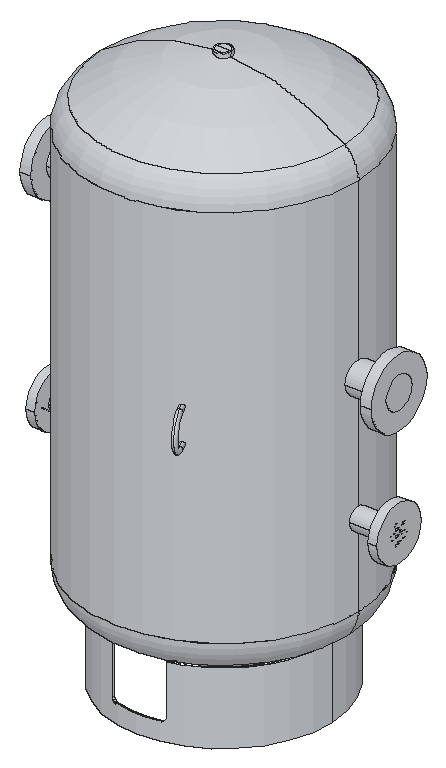
Revit family "HWBT-200-2-3-125 and 150", category Mechanical Equipment, Revit 2014
Parameters (values of type "HWBT-200-2-3-125 and 150")
  Tank Weight = "503 lbs @ 125, 553 lbs @ 150"
  Tank Volume = "200 Gal"
  Tank Height = "62 1/2\""
  Tank Diameter = "30\""
  Note = "All dimensions and weights are approximate"
  Maximum Acceptance Volume = "N/A"
  Max Operating Temp = "450° F"
  Max Operating Pressure = "125psi, or 150psi (depending on model)"
  Connector Size = "2\" and 3\""
Reference planes (in)
  plane 1 "Center (Front/Back)": y = 0
  plane 2: z = 0
  plane 3 "Center (Left/Right)": x = 0
Forms (in)
  Extrusion 1, solid
    sketch origin (0, 0, 0) x (1, 0, 0) y (0, 1, 0)
      loop
        circle (0, 0) r 12
      loop
        circle (0, 0) r 11.8125
    from 0 to 8
  Extrusion 2, void
    sketch origin (0, 0, 0) x (1, 0, 0) y (0, 0, 1)
      loop
        line (-3, 8) -> (-3, 2.5)
        arc (-3, 2.5) -> (-2.85355, 2.14645) -> (-2.5, 2) r 0.5
        line (-2.5, 2) -> (2.5, 2)
        arc (2.5, 2) -> (2.85355, 2.14645) -> (3, 2.5) r 0.5
        line (3, 2.5) -> (3, 9) -> (-3, 9) -> (-3, 8)
    from 0 to 15
  Sweep 3, solid
    path origin (-1.4721, 2.49238, -12.95065) x (0.434898, -0.90048, 0) y (0, 0, 1)
      loop
        line (17.83546, 48.42089) -> (18.83546, 48.42089)
        arc (18.83546, 48.42089) -> (20.71046, 46.54589) -> (18.83546, 44.67089) r 1.875
        line (18.83546, 44.67089) -> (17.83546, 44.67089)
    profile origin (6.50194, -14.01833, 35.47024) x (0, 0, 1) y (-0.90048, -0.434898, 0)
      loop
        circle (0, 0) r 0.25
  Revolve 4, solid
    sketch origin (0, 0, 0) x (1, 0, 0) y (0, 0, 1)
      loop
        line (0, 62.94192) -> (-0.80591, 62.94192)
        arc (-0.80591, 62.94192) -> (-0.85014, 62.9236) -> (-0.86845, 62.87938) r 0.06254
        line (-0.86845, 62.87938) -> (-0.88433, 62.42476)
        arc (-0.88433, 62.42476) -> (-7.51355, 61.16163) -> (-13.4779, 58.00431) r 22.686
        arc (-13.4779, 58.00431) -> (-14.59792, 56.67722) -> (-15, 54.98786) r 3.75
        line (-15, 54.98786) -> (-15, 12.13614)
        arc (-15, 12.13614) -> (-14.59792, 10.44678) -> (-13.4779, 9.11969) r 3.75
        arc (-13.4779, 9.11969) -> (-7.51355, 5.96237) -> (-0.88433, 4.69924) r 22.686
        line (-0.88433, 4.69924) -> (-0.86845, 4.24462)
        arc (-0.86845, 4.24462) -> (-0.85014, 4.2004) -> (-0.80591, 4.18208) r 0.06254
        line (-0.80591, 4.18208) -> (0, 4.18208) -> (0, 62.94192)
      axis (0, 62.94192) -> (0, 4.18208)
    angle from 0 to 360
  Extrusion 5, solid
    sketch origin (0, 0, 0) x (0, 1, 0) y (0, 0, 1)
      loop
        circle (0, 21.5) r 1.19
    from 0 to 19.5
  Extrusion 6, solid
    sketch origin (0, 0, 0) x (0, 1, 0) y (0, 0, 1)
      loop
        circle (0, 21.5) r 1.19
    from 0 to -19.5
  Extrusion 7, solid
    sketch origin (0, 0, 0) x (0, 1, 0) y (0, 0, 1)
      loop
        circle (0, 21.5) r 3
    from 18.5 to 19.5
  Extrusion 8, solid
    sketch origin (0, 0, 0) x (0, 1, 0) y (0, 0, 1)
      loop
        circle (0, 21.5) r 3
    from -18.5 to -19.5
  Extrusion 9, solid
    sketch origin (0, 0, 0) x (0, 1, 0) y (0, 0, 1)
      loop
        circle (0, 35.5) r 1.75
    from 0 to 19.5
  Extrusion 10, solid
    sketch origin (0, 0, 0) x (0, 1, 0) y (0, 0, 1)
      loop
        circle (0, 45.5) r 1.75
    from 0 to -19.5
  Extrusion 11, solid
    sketch origin (0, 0, 0) x (0, 1, 0) y (0, 0, 1)
      loop
        circle (0, 35.5) r 3.8125
    from 18.3125 to 19.5
  Extrusion 12, solid
    sketch origin (0, 0, 0) x (0, 1, 0) y (0, 0, 1)
      loop
        circle (0, 45.5) r 3.8125
    from -18.3125 to -19.5
Cuts and joins
  Extrusion 2 cuts Extrusion 1
Dimensions and locks (in)
  aligned and locked: level to plane 2
